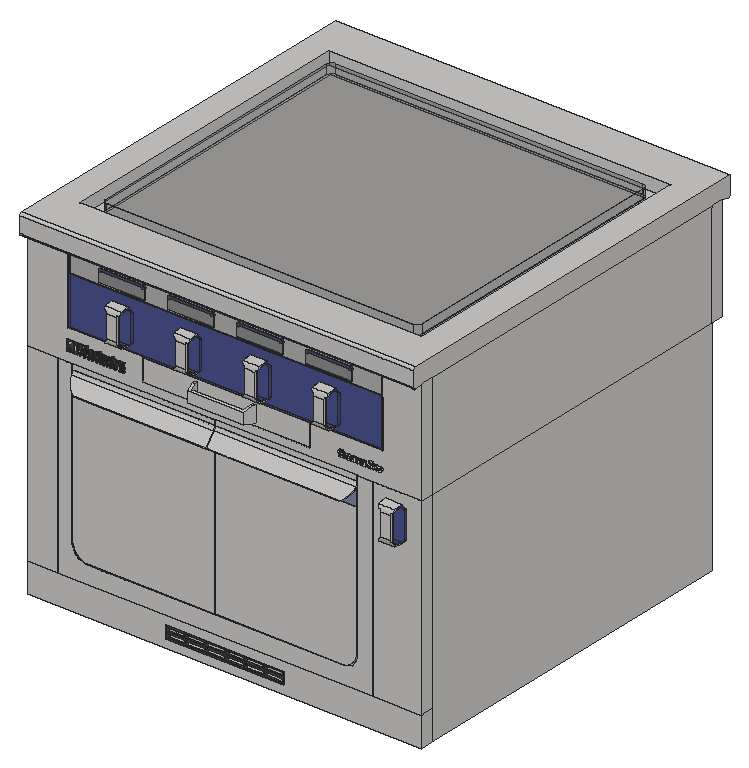
Revit family "QF_ELECTROLUXPROFESSIONAL_588457_MALPEAH4AO", category Attrezzature speciali, Revit 2020 (continued)
Definition of nested family "Front_Panel_W800_Four Knobs"
  Definition of nested family "ELX_Professional_Logo_Small"
    Forms (mm)
      Extrusion 2, solid, material <- "Material_Logo"
        sketch origin (15.5, 0, 0) x (1, 0, 0) y (0, 1, 0)
          loop
            spline (-4.441, -1.243) -> (-4.659, -1.247) -> (-4.894, -1.23) -> (-5.137, -1.19) -> (-5.384, -1.121) -> (-5.628, -1.021) -> (-5.864, -0.884) -> (-6.084, -0.708) -> (-6.283, -0.488) -> (-6.454, -0.219) -> (-6.592, 0.101) -> (-6.69, 0.478) -> (-6.742, 0.914)
            line (-6.742, 0.914) -> (-6.742, 4.587) -> (-4.487, 4.587) -> (-4.487, 6.838) -> (-6.738, 6.838) -> (-6.738, 10.824) -> (-9.217, 10.824) -> (-9.217, 0.773)
            spline (-9.217, 0.773) -> (-9.164, 0.19) -> (-9.068, -0.358) -> (-8.928, -0.87) -> (-8.742, -1.343) -> (-8.511, -1.777) -> (-8.232, -2.168) -> (-7.904, -2.515) -> (-7.527, -2.816) -> (-7.098, -3.069) -> (-6.618, -3.273) -> (-6.084, -3.426) -> (-5.496, -3.525)
            line (-5.496, -3.525) -> (-4.45, -3.573) -> (-4.441, -1.243)
          loop
            spline (3.898, 6.983) -> (3.469, 7.009) -> (3.056, 7.001) -> (2.661, 6.961) -> (2.283, 6.888) -> (1.925, 6.785) -> (1.588, 6.652) -> (1.272, 6.49) -> (0.979, 6.301) -> (0.71, 6.085) -> (0.465, 5.844) -> (0.247, 5.578) -> (0.056, 5.289)
            line (0.056, 5.289) -> (0.056, 6.838) -> (-2.402, 6.838) -> (-2.402, -3.572) -> (0.056, -3.572) -> (0.056, 1.901)
            spline (0.056, 1.901) -> (0.079, 2.316) -> (0.145, 2.703) -> (0.254, 3.06) -> (0.404, 3.386) -> (0.592, 3.679) -> (0.818, 3.938) -> (1.08, 4.162) -> (1.375, 4.348) -> (1.703, 4.495) -> (2.062, 4.602) -> (2.45, 4.668) -> (2.865, 4.69)
            line (2.865, 4.69) -> (3.898, 4.586) -> (3.898, 6.983)
          loop
            spline (15.638, 1.633) -> (15.586, 2.396) -> (15.435, 3.124) -> (15.192, 3.81) -> (14.863, 4.449) -> (14.455, 5.034) -> (13.975, 5.56) -> (13.43, 6.021) -> (12.826, 6.411) -> (12.17, 6.724) -> (11.469, 6.955) -> (10.729, 7.098) -> (9.958, 7.147)
            spline (9.958, 7.147) -> (9.182, 7.098) -> (8.44, 6.955) -> (7.737, 6.724) -> (7.081, 6.411) -> (6.477, 6.021) -> (5.933, 5.56) -> (5.454, 5.034) -> (5.048, 4.449) -> (4.721, 3.81) -> (4.479, 3.124) -> (4.329, 2.396) -> (4.277, 1.633)
            spline (4.277, 1.633) -> (4.329, 0.869) -> (4.479, 0.141) -> (4.721, -0.544) -> (5.048, -1.183) -> (5.454, -1.768) -> (5.933, -2.294) -> (6.477, -2.755) -> (7.081, -3.145) -> (7.737, -3.459) -> (8.44, -3.69) -> (9.182, -3.833) -> (9.958, -3.882)
            spline (9.958, -3.882) -> (10.729, -3.833) -> (11.469, -3.69) -> (12.17, -3.459) -> (12.826, -3.145) -> (13.43, -2.755) -> (13.975, -2.294) -> (14.455, -1.768) -> (14.863, -1.183) -> (15.192, -0.544) -> (15.435, 0.141) -> (15.586, 0.869) -> (15.638, 1.633)
          loop
            spline (13.18, 1.633) -> (13.151, 2.083) -> (13.067, 2.513) -> (12.932, 2.918) -> (12.748, 3.296) -> (12.52, 3.642) -> (12.251, 3.954) -> (11.943, 4.227) -> (11.601, 4.459) -> (11.228, 4.645) -> (10.828, 4.782) -> (10.403, 4.867) -> (9.958, 4.896)
            spline (9.958, 4.896) -> (9.509, 4.867) -> (9.081, 4.782) -> (8.679, 4.645) -> (8.306, 4.459) -> (7.964, 4.227) -> (7.658, 3.954) -> (7.39, 3.642) -> (7.163, 3.296) -> (6.981, 2.918) -> (6.847, 2.513) -> (6.765, 2.083) -> (6.736, 1.633)
            spline (6.736, 1.633) -> (6.765, 1.182) -> (6.847, 0.753) -> (6.981, 0.347) -> (7.163, -0.031) -> (7.39, -0.377) -> (7.658, -0.689) -> (7.964, -0.962) -> (8.306, -1.193) -> (8.679, -1.38) -> (9.081, -1.517) -> (9.509, -1.602) -> (9.958, -1.631)
            spline (9.958, -1.631) -> (10.403, -1.602) -> (10.828, -1.517) -> (11.228, -1.38) -> (11.601, -1.193) -> (11.943, -0.962) -> (12.251, -0.689) -> (12.52, -0.377) -> (12.748, -0.031) -> (12.932, 0.347) -> (13.067, 0.753) -> (13.151, 1.182) -> (13.18, 1.633)
          loop
            line (17.162, 4.269) -> (17.162, -3.573) -> (19.642, -3.573) -> (19.642, 10.824) -> (17.162, 10.824) -> (17.162, 4.269)
          loop
            line (28.581, 6.838) -> (28.581, 0.786)
            spline (28.581, 0.786) -> (28.561, 0.393) -> (28.503, 0.038) -> (28.409, -0.279) -> (28.281, -0.559) -> (28.122, -0.802) -> (27.933, -1.011) -> (27.717, -1.185) -> (27.476, -1.325) -> (27.213, -1.433) -> (26.929, -1.509) -> (26.626, -1.554) -> (26.308, -1.569)
            spline (26.308, -1.569) -> (25.99, -1.554) -> (25.688, -1.509) -> (25.404, -1.434) -> (25.141, -1.326) -> (24.9, -1.187) -> (24.684, -1.014) -> (24.496, -0.807) -> (24.336, -0.565) -> (24.209, -0.288) -> (24.115, 0.026) -> (24.057, 0.376) -> (24.037, 0.765)
            line (24.037, 0.765) -> (24.037, 6.838) -> (21.537, 6.838) -> (21.537, 0.558)
            spline (21.537, 0.558) -> (21.581, -0.153) -> (21.71, -0.8) -> (21.916, -1.384) -> (22.195, -1.904) -> (22.54, -2.362) -> (22.944, -2.757) -> (23.403, -3.09) -> (23.909, -3.362) -> (24.456, -3.572) -> (25.04, -3.722) -> (25.652, -3.811) -> (26.288, -3.841)
            spline (26.288, -3.841) -> (26.929, -3.811) -> (27.547, -3.72) -> (28.135, -3.568) -> (28.687, -3.355) -> (29.197, -3.079) -> (29.66, -2.741) -> (30.068, -2.341) -> (30.415, -1.877) -> (30.696, -1.349) -> (30.905, -0.757) -> (31.034, -0.101) -> (31.079, 0.621)
            line (31.079, 0.621) -> (31.079, 6.838) -> (28.581, 6.838)
          loop
            line (40.457, -0.243) -> (38.894, 1.942) -> (40.83, 4.579) -> (42.488, 6.837) -> (39.782, 6.837) -> (37.53, 3.719) -> (35.258, 6.837) -> (32.573, 6.837) -> (34.113, 4.731) -> (36.167, 1.922) -> (34.014, -1.076) -> (32.222, -3.573) -> (34.887, -3.573) -> (37.53, 0.104) -> (40.174, -3.573) -> (42.839, -3.573) -> (40.457, -0.243)
          loop
            line (-46.121, -5.837) -> (-48.039, -5.837) -> (-48.039, -10.814) -> (-47.016, -10.814) -> (-47.016, -9.128) -> (-46.121, -9.128)
            arc (-46.121, -9.128) -> (-44.476, -7.482) -> (-46.121, -5.837) r 1.645
          loop
            line (-46.163, -6.778) -> (-47.016, -6.778) -> (-47.016, -8.187) -> (-46.163, -8.187)
            arc (-46.163, -8.187) -> (-45.458, -7.482) -> (-46.163, -6.778) r 0.704
          loop
            line (-38.313, -5.837) -> (-40.265, -5.837) -> (-40.265, -10.814) -> (-39.241, -10.814) -> (-39.241, -9.1) -> (-38.46, -9.182) -> (-37.48, -10.814) -> (-36.318, -10.814) -> (-37.513, -8.848)
            arc (-37.513, -8.848) -> (-36.888, -8.266) -> (-36.671, -7.441) r 1.536
            arc (-36.671, -7.441) -> (-37.165, -6.305) -> (-38.313, -5.837) r 1.643
          loop
            arc (-38.402, -8.166) -> (-37.707, -7.505) -> (-38.334, -6.778) r 0.696
            line (-38.334, -6.778) -> (-39.241, -6.778) -> (-39.241, -8.166) -> (-38.402, -8.166)
          loop
            circle (-29.965, -8.325) r 2.585
          loop
            circle (-29.965, -8.325) r 1.64
          loop
            line (-23.1, -5.837) -> (-23.1, -10.814) -> (-22.076, -10.814) -> (-22.076, -8.768) -> (-20.204, -8.768) -> (-20.204, -7.828) -> (-22.076, -7.828) -> (-22.076, -6.778) -> (-20.024, -6.778) -> (-20.024, -5.837) -> (-23.1, -5.837)
          loop
            line (-15.802, -5.837) -> (-15.802, -9.2)
            arc (-15.802, -9.2) -> (-15.343, -10.34) -> (-14.209, -10.814) r 1.593
            line (-14.209, -10.814) -> (-12.602, -10.814) -> (-12.602, -10.027) -> (-14.004, -10.027)
            arc (-14.004, -10.027) -> (-14.552, -9.8) -> (-14.779, -9.252) r 0.775
            line (-14.779, -9.252) -> (-14.779, -8.424) -> (-12.789, -8.424) -> (-12.789, -7.642) -> (-14.779, -7.642) -> (-14.779, -6.778) -> (-12.651, -6.778) -> (-12.651, -5.837) -> (-15.802, -5.837)
          loop
            line (-5.909, -7.143) -> (-5.173, -6.638)
            arc (-5.173, -6.638) -> (-5.855, -5.974) -> (-6.781, -5.755) r 1.782
            arc (-6.781, -5.755) -> (-7.397, -5.878) -> (-7.944, -6.189) r 1.974
            arc (-7.944, -6.189) -> (-8.202, -6.5) -> (-8.317, -6.888) r 1.013
            arc (-8.317, -6.888) -> (-8.306, -7.341) -> (-8.192, -7.78) r 1.985
            arc (-8.192, -7.78) -> (-7.749, -8.259) -> (-7.171, -8.563) r 1.928
            arc (-7.171, -8.563) -> (-6.637, -8.779) -> (-6.131, -9.056) r 5.041
            arc (-6.131, -9.056) -> (-5.934, -9.387) -> (-6.09, -9.74) r 0.42
            arc (-6.09, -9.74) -> (-6.631, -9.96) -> (-7.204, -9.845) r 1.016
            arc (-7.204, -9.845) -> (-7.625, -9.603) -> (-7.889, -9.196) r 1.033
            line (-7.889, -9.196) -> (-8.67, -9.686)
            arc (-8.67, -9.686) -> (-8.361, -10.198) -> (-7.908, -10.589) r 1.914
            arc (-7.908, -10.589) -> (-7.334, -10.834) -> (-6.714, -10.896) r 2.063
            arc (-6.714, -10.896) -> (-5.947, -10.743) -> (-5.256, -10.376) r 2.696
            arc (-5.256, -10.376) -> (-4.95, -9.565) -> (-5.108, -8.712) r 1.618
            arc (-5.108, -8.712) -> (-5.448, -8.319) -> (-5.884, -8.035) r 1.876
            arc (-5.884, -8.035) -> (-6.434, -7.789) -> (-6.999, -7.577) r 9.883
            arc (-6.999, -7.577) -> (-7.325, -7.07) -> (-6.854, -6.694) r 0.45
            arc (-6.854, -6.694) -> (-6.329, -6.809) -> (-5.909, -7.143) r 1.197
          loop
            line (1.61, -7.143) -> (2.345, -6.638)
            arc (2.345, -6.638) -> (1.663, -5.974) -> (0.737, -5.755) r 1.782
            arc (0.737, -5.755) -> (0.121, -5.878) -> (-0.425, -6.189) r 1.974
            arc (-0.425, -6.189) -> (-0.683, -6.5) -> (-0.799, -6.888) r 1.013
            arc (-0.799, -6.888) -> (-0.788, -7.341) -> (-0.674, -7.78) r 1.985
            arc (-0.674, -7.78) -> (-0.231, -8.259) -> (0.347, -8.563) r 1.928
            arc (0.347, -8.563) -> (0.881, -8.779) -> (1.387, -9.056) r 5.041
            arc (1.387, -9.056) -> (1.584, -9.387) -> (1.428, -9.74) r 0.42
            arc (1.428, -9.74) -> (0.887, -9.96) -> (0.314, -9.845) r 1.016
            arc (0.314, -9.845) -> (-0.107, -9.603) -> (-0.371, -9.196) r 1.033
            line (-0.371, -9.196) -> (-1.152, -9.686)
            arc (-1.152, -9.686) -> (-0.842, -10.198) -> (-0.39, -10.589) r 1.914
            arc (-0.39, -10.589) -> (0.184, -10.834) -> (0.804, -10.896) r 2.063
            arc (0.804, -10.896) -> (1.572, -10.743) -> (2.263, -10.376) r 2.696
            arc (2.263, -10.376) -> (2.568, -9.565) -> (2.411, -8.712) r 1.618
            arc (2.411, -8.712) -> (2.07, -8.319) -> (1.635, -8.035) r 1.876
            arc (1.635, -8.035) -> (1.084, -7.789) -> (0.519, -7.577) r 9.883
            arc (0.519, -7.577) -> (0.193, -7.07) -> (0.665, -6.694) r 0.45
            arc (0.665, -6.694) -> (1.189, -6.809) -> (1.61, -7.143) r 1.197
          loop
            line (6.801, -5.837) -> (6.801, -10.814) -> (7.825, -10.814) -> (7.825, -5.837) -> (6.801, -5.837)
          loop
            circle (14.724, -8.325) r 1.548
          loop
            circle (14.724, -8.325) r 2.585
          loop
            line (21.59, -10.814) -> (22.623, -10.814) -> (22.623, -7.685) -> (24.9, -10.814) -> (25.895, -10.814) -> (25.895, -5.837) -> (24.861, -5.837) -> (24.861, -9.061) -> (22.585, -5.837) -> (21.59, -5.837) -> (21.59, -10.814)
          loop
            line (31.054, -10.814) -> (31.539, -9.74) -> (33.38, -9.74) -> (33.865, -10.814) -> (34.965, -10.814) -> (32.46, -5.837) -> (29.956, -10.814) -> (31.054, -10.814)
          loop
            line (32.46, -7.698) -> (31.999, -8.719) -> (32.921, -8.719) -> (32.46, -7.698)
          loop
            line (40.047, -9.873) -> (40.047, -5.837) -> (39.024, -5.837) -> (39.024, -10.814) -> (41.961, -10.814) -> (41.961, -9.873) -> (40.047, -9.873)
          loop
            line (-74.986, -10.814) -> (-53.322, -10.814) -> (-53.322, 10.82) -> (-74.986, 10.82) -> (-74.986, -10.814)
          loop
            line (-61.261, 9.758) -> (-61.261, -9.707)
            arc (-61.261, -9.707) -> (-54.066, 0.025) -> (-61.261, 9.758) r 10.18
          loop
            line (-62.251, 8.349) -> (-62.251, 9.758)
            arc (-62.251, 9.758) -> (-70.347, 7.918) -> (-74.247, 0.59) r 9.976
            line (-74.247, 0.59) -> (-71.026, 0.59)
            arc (-71.026, 0.59) -> (-65.274, 2.925) -> (-62.251, 8.349) r 9.351
          loop
            arc (-74.247, -0.539) -> (-70.353, -7.928) -> (-62.251, -9.957) r 10.237
            line (-62.251, -9.957) -> (-62.251, -8.298)
            arc (-62.251, -8.298) -> (-65.274, -2.874) -> (-71.026, -0.539) r 9.351
            line (-71.026, -0.539) -> (-74.247, -0.539)
        from 0 to 1.644
    Dimensions and locks
      aligned and locked: plane 2 to Extrusion 1
      aligned and locked: level to Extrusion 1
Definition of nested family "H450H2_2DOOR"
  Parameters
    Width [instance] = 580 mm
    Wdoor [instance] = Width / 2  # 290 mm
    Show Clearance [instance] = yes
    Model = "727995"
    Height = 450 mm
    Default Elevation = 0 mm
  Reference planes
    plane 1 "Center (Front/Back)": y = 0
    plane 2: z = 0
    plane 3 "Center (Left/Right)": x = 36.042
    plane 4 "panel": z = 25
    plane 5: x = -253.958
    plane 6: x = 326.042
    plane 7: y = 450
    plane 8: z = 290
    plane 9: z = 45
  Forms (mm)
    Extrusion 1, solid
      sketch origin (0, -919.2, 0) x (1, 0, 0) y (0, 1, 0)
        loop
          line (-980.5, 2119.2) -> (-980.5, -162.846) -> (881.94, -162.846) -> (881.94, 2119.2) -> (-980.5, 2119.2)
      from 0 to -59.546
    Extrusion 2, solid
      sketch origin (0, 0, 0) x (1, 0, 0) y (0, 1, 0)
        loop
          line (324.042, 393) -> (37.042, 393) -> (37.042, 97) -> (294.042, 97)
          arc (294.042, 97) -> (315.255, 105.787) -> (324.042, 127) r 30
          line (324.042, 127) -> (324.042, 393)
        loop
          arc (-251.958, 127) -> (-243.171, 105.787) -> (-221.958, 97) r 30
          line (-221.958, 97) -> (35.042, 97) -> (35.042, 393) -> (-251.958, 393) -> (-251.958, 127)
      from 0 to 25
    Extrusion 3, solid
      sketch origin (0, 0, 0) x (1, 0, 0) y (0, 1, 0)
        loop
          line (-251.958, 393) -> (35.042, 393) -> (35.042, 440) -> (-251.958, 440) -> (-251.958, 393)
        loop
          line (37.042, 440) -> (37.042, 393) -> (324.042, 393) -> (324.042, 440) -> (37.042, 440)
      from 0 to 25
    Extrusion 4, solid
      sketch origin (5.581, 79.805, 0) x (1, 0, 0) y (0, 1, 0)
        loop
          line (-257.539, 360.195) -> (29.461, 360.195) -> (29.461, 370.195) -> (-257.539, 370.195) -> (-257.539, 360.195)
        loop
          line (31.461, 370.195) -> (31.461, 360.195) -> (318.461, 360.195) -> (318.461, 370.195) -> (31.461, 370.195)
      from 0 to 25
    Extrusion 5, solid
      sketch origin (36.042, 0, 0) x (0, 1, 0) y (0, 0, 1)
        loop
          line (426.693, 25) -> (440.02, 25)
          arc (440.02, 25) -> (435.261, 25.775) -> (430.993, 28.02) r 15
          line (430.993, 28.02) -> (406.653, 46.362) -> (403.644, 42.369) -> (426.693, 25)
      from 1 to 288
    Extrusion 6, solid
      sketch origin (36.042, 0, 0) x (0, 1, 0) y (0, 0, 1)
        loop
          line (426.693, 25) -> (440.02, 25)
          arc (440.02, 25) -> (435.261, 25.775) -> (430.993, 28.02) r 15
          line (430.993, 28.02) -> (406.653, 46.362) -> (403.644, 42.369) -> (426.693, 25)
      from -288 to -1
    Extrusion 7, void
      sketch origin (0, 0, 0) x (1, 0, 0) y (0, 1, 0)
        loop
          arc (324.042, 426.693) -> (314.508, 412.772) -> (300.317, 403.644) r 42.603
          line (300.317, 403.644) -> (324.042, 403.644) -> (324.042, 426.693)
      from 0 to 47.9
    Extrusion 8, void
      sketch origin (72.084, 0, 0) x (-1, 0, 0) y (0, -1, 0)
        loop
          line (324.042, -426.693) -> (324.042, -403.644) -> (300.317, -403.644)
          arc (300.317, -403.644) -> (314.508, -412.772) -> (324.042, -426.693) r 42.603
      from 0 to 47.9
    Extrusion 9, solid, detail levels coarse
      sketch origin (0, 0, 0) x (1, 0, 0) y (0, 0, 1)
        loop
          arc (36.042, 25) -> (-41.575, 212.383) -> (-228.958, 290) r 265
          line (-228.958, 290) -> (-228.958, 25) -> (36.042, 25)
      from -450 to -97
    Extrusion 10, solid, detail levels coarse
      sketch origin (0, 0, 0) x (1, 0, 0) y (0, 0, 1)
        loop
          arc (301.042, 290) -> (113.659, 212.383) -> (36.042, 25) r 265
          line (36.042, 25) -> (301.042, 25) -> (301.042, 290)
      from -450 to -97
  Cuts and joins
    Extrusion 8 cuts Extrusion 6
    Extrusion 7 cuts Extrusion 5
  Lines and regions (mm)
    symbolic lines
      curve 1: line (326.042, 0, 45) -> (326.042, 0, 290)
      curve 2: line (301.042, 0, 45) -> (301.042, 0, 290)
      curve 3: line (326.042, 0, 290) -> (301.042, 0, 290)
      curve 4: line (-253.958, 0, 45) -> (-253.958, 0, 290)
      curve 5: line (-228.958, 0, 45) -> (-228.958, 0, 290)
      curve 6: line (-253.958, 0, 290) -> (-228.958, 0, 290)
      curve 7: arc (301.042, 0, 290) -> (120.901, 0, 219.356) -> (36.804, 0, 45.088) r 265
      curve 8: arc (35.286, 0, 44.997) -> (-48.783, 0, 219.325) -> (-228.958, 0, 290) r 265
  Dimensions and locks
    plane 4 "panel" to level = 25 mm
    "Width": plane 5 to plane 6
    equal spacing: plane 5, plane 3 "Center (Left/Right)", plane 6
    "Height": plane 1 "Center (Front/Back)" to plane 7
    locked: plane 5 to Extrusion 2 sketch curve at 2
    locked: Extrusion 2 sketch curve to plane 6 at 2
    locked: plane 1 "Center (Front/Back)" to Extrusion 2 sketch curve at 97
    locked: plane 7 to Extrusion 2 sketch curve at 57
    locked: Extrusion 2 sketch curve to plane 3 "Center (Left/Right)" at 1
    locked: plane 3 "Center (Left/Right)" to Extrusion 2 sketch curve at 1
    Extrusion 3 sketch curve to Extrusion 2 = 47 mm
    "Wdoor": plane 8 to level
    locked: curve 2 to curve 1 at 25
    locked: curve 5 to curve 4 at 25
    plane 4 "panel" to plane 9 = 20 mm
    aligned and locked: plane 2 to Extrusion 1
    aligned and locked: level to Extrusion 1
    aligned and locked: plane 4 "panel" to Extrusion 2
    aligned and locked: Extrusion 2 to Extrusion 3 sketch curve
    aligned and locked: Extrusion 3 sketch curve to Extrusion 2  (x2)
    aligned and locked: Extrusion 3 sketch curve to Extrusion 3 sketch curve
    aligned and locked: plane 4 "panel" to Extrusion 3
    aligned and locked: Extrusion 4 sketch curve to Extrusion 4 sketch curve
    aligned and locked: Extrusion 4 sketch curve to Extrusion 3  (x3)
    aligned and locked: Extrusion 3 to Extrusion 4 sketch curve
    aligned and locked: Extrusion 4 sketch curve to plane 7
    aligned and locked: Extrusion 3 to Extrusion 5
    aligned and locked: Extrusion 5 to Extrusion 3
    aligned and locked: Extrusion 6 to Extrusion 3
    aligned and locked: Extrusion 3 to Extrusion 6
    aligned and locked: Extrusion 7 sketch curve to Extrusion 5
    aligned and locked: Extrusion 8 to Extrusion 6
    aligned and locked: Extrusion 4 to Extrusion 8
    aligned and locked: Extrusion 2 to Extrusion 7
    aligned and locked: Extrusion 7 to Extrusion 5
    aligned and locked: Extrusion 4 to Extrusion 3  (x2)
    aligned and locked: Extrusion 3 to Extrusion 2
    aligned and locked: Extrusion 4 to Extrusion 2
    aligned and locked: curve 3 to plane 8
    aligned and locked: curve 1 to plane 6
    aligned and locked: curve 4 to plane 5
    aligned and locked: Extrusion 9 sketch curve to plane 4 "panel"
    aligned and locked: Extrusion 10 sketch curve to curve 7
    aligned and locked: Extrusion 10 sketch curve to curve 2
    aligned and locked: Extrusion 2 to Extrusion 9
    aligned and locked: Extrusion 2 to Extrusion 10
    aligned and locked: plane 7 to Extrusion 9
    aligned and locked: Extrusion 3 to Extrusion 4
  Automatic sketch dimensions
    Extrusion 1 sketch curve to Extrusion 1 sketch curve = 1862.44 mm
    Extrusion 1 sketch curve to Extrusion 1 sketch curve = 2282.046 mm
    Extrusion 2 sketch curve to Extrusion 2 sketch curve = 30 mm  (x2)
    Extrusion 2 sketch curve to plane 1 "Center (Front/Back)" = 97 mm
    Extrusion 2 sketch curve to Extrusion 2 sketch curve = 0 mm
    Extrusion 3 sketch curve to plane 3 "Center (Left/Right)" = 1 mm
    plane 5 to Extrusion 3 sketch curve = 2 mm
    Extrusion 3 sketch curve to Extrusion 3 sketch curve = 0 mm
    Extrusion 5 sketch curve to plane 4 "panel" = 0 mm
    plane 4 "panel" to Extrusion 5 sketch curve = 17.369 mm
    Extrusion 5 sketch curve to plane 7 = 46.356 mm
    plane 4 "panel" to Extrusion 5 sketch curve = 21.362 mm
    Extrusion 5 sketch curve to Extrusion 5 sketch curve = 3.009 mm
    plane 4 "panel" to Extrusion 5 sketch curve = 3.02 mm
    Extrusion 5 sketch curve to Extrusion 5 sketch curve = 9.027 mm
    Extrusion 6 sketch curve to plane 4 "panel" = 0 mm
    plane 4 "panel" to Extrusion 6 sketch curve = 17.369 mm
    Extrusion 6 sketch curve to plane 7 = 46.356 mm
    plane 4 "panel" to Extrusion 6 sketch curve = 21.362 mm
    Extrusion 6 sketch curve to Extrusion 6 sketch curve = 3.009 mm
    plane 4 "panel" to Extrusion 6 sketch curve = 3.02 mm
    Extrusion 6 sketch curve to Extrusion 6 sketch curve = 9.027 mm
    Extrusion 7 sketch curve to Extrusion 7 sketch curve = 23.725 mm
    Extrusion 7 sketch curve to plane 7 = 6.671 mm
    Extrusion 7 sketch curve to plane 6 = 41.221 mm
    Extrusion 7 sketch curve to plane 7 = 23.307 mm
    plane 7 to Extrusion 8 sketch curve = 6.671 mm
    Extrusion 8 sketch curve to plane 5 = 41.221 mm
    Extrusion 8 sketch curve to plane 5 = 25.725 mm
    Extrusion 8 sketch curve to plane 5 = 2 mm
    plane 7 to Extrusion 8 sketch curve = 23.307 mm
    Extrusion 4 sketch curve to Extrusion 4 sketch curve = 10 mm
    Extrusion 4 sketch curve to plane 7 = 10 mm
    curve 2 to plane 9 = 0 mm
    curve 5 to plane 9 = 0 mm
    curve 4 to plane 9 = 0 mm
    curve 1 to plane 9 = 0 mm
    curve 8 to plane 4 "panel" = 0 mm
    curve 5 to plane 8 = 0 mm
    curve 8 to plane 9 = 0.003 mm
    curve 7 to plane 4 "panel" = 0 mm
    plane 9 to curve 7 = 0.088 mm
Definition of nested family "Warm"
  Reference planes
    plane 1 "Center (Front/Back)": y = 0
    plane 2: z = 0
    plane 3 "Center (Left/Right)": x = 0
  Lines and regions (mm)
    detail lines, in view "Ref. Level"
      curve 1: circle (-165.742, 180.331, 0) r 45 normal (0, 0, 1)
      curve 2: line (-165.742, 125.331, 0) -> (-165.742, 80.331, 0)
      curve 3: line (-165.742, 235.331, 0) -> (-165.742, 280.331, 0)
      curve 4: line (-105.742, 180.331, 0) -> (-65.742, 180.331, 0)
      curve 5: line (-220.742, 180.331, 0) -> (-265.742, 180.331, 0)
      curve 6: line (-126.851, 141.44, 0) -> (-95.031, 109.62, 0)
      curve 7: line (-204.632, 219.221, 0) -> (-236.452, 251.041, 0)
      curve 8: line (-126.851, 219.221, 0) -> (-95.031, 251.041, 0)
      curve 9: line (-204.632, 141.44, 0) -> (-236.452, 109.62, 0)
